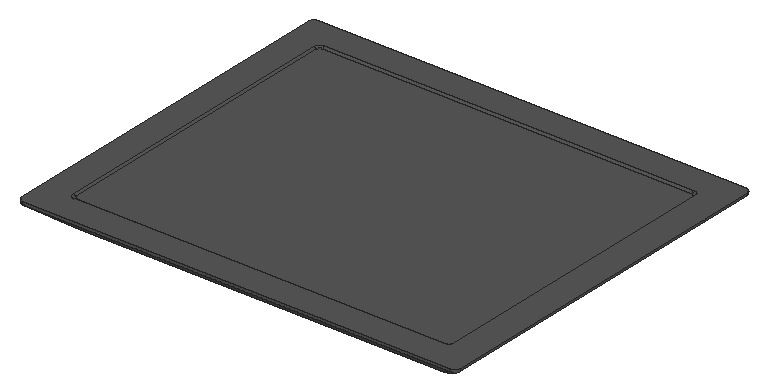
Revit family "DKTL0012_revit", category Generic Models, Revit 2017
Family settings
  Can host rebar = No
  Round Connector Dimension = Use Diameter
  Part Type = Normal
  Work Plane-Based = No
  Always vertical = Yes
  Cut with Voids When Loaded = No
  Shared = No
  Room Calculation Point = No
Parameters
  Website = "https://dolphy.in/"  # constant formula
  Material and Finish = Dolphy_BLACK
  Length = 360 mm
  Contact number = "+91 9520202035"  # constant formula
  Contact email = "info@dolphy.in"  # constant formula
  Company name = "Dolphy India"  # constant formula
Reference planes
  plane 1 "Center (Front/Back)": y = 0
  plane 2: z = 0
  plane 3 "Center (Left/Right)": x = 0
Forms (mm)
  Extrusion 1, solid, material "Dolphy_BLACK" <- "Material and Finish"
    sketch origin (3.593, 0, -3.656) x (1, 0, 0) y (0, 1, 0)
      loop
        arc (-188.593, 165.936) -> (-192.129, 164.472) -> (-193.593, 160.936) r 5
        line (-193.593, 160.936) -> (-193.593, -149.064)
        arc (-193.593, -149.064) -> (-192.129, -152.6) -> (-188.593, -154.064) r 5
        line (-188.593, -154.064) -> (181.407, -154.064)
        arc (181.407, -154.064) -> (184.942, -152.6) -> (186.407, -149.064) r 5
        line (186.407, -149.064) -> (186.407, 160.936)
        arc (186.407, 160.936) -> (184.942, 164.472) -> (181.407, 165.936) r 5
        line (181.407, 165.936) -> (-188.593, 165.936)
    from 25.656 to 27.656
  Blend 2, solid, material "Dolphy_BLACK" <- "Material and Finish"
    base sketch origin (3.593, 0, 22) x (0, 1, 0) y (-1, 0, 0)
      loop
        arc (-154.064, -181.407) -> (-152.6, -184.942) -> (-149.064, -186.407) r 5
        line (-149.064, -186.407) -> (160.936, -186.407)
        arc (160.936, -186.407) -> (164.472, -184.942) -> (165.936, -181.407) r 5
        line (165.936, -181.407) -> (165.936, 188.593)
        arc (165.936, 188.593) -> (164.472, 192.129) -> (160.936, 193.593) r 5
        line (160.936, 193.593) -> (-149.064, 193.593)
        arc (-149.064, 193.593) -> (-152.6, 192.129) -> (-154.064, 188.593) r 5
        line (-154.064, 188.593) -> (-154.064, -181.407)
    top sketch origin (3.593, 0, 22) x (0, 1, 0) y (-1, 0, 0)
      loop
        arc (-126.064, -153.407) -> (-124.6, -156.942) -> (-121.064, -158.407) r 5
        line (-121.064, -158.407) -> (132.936, -158.407)
        arc (132.936, -158.407) -> (136.472, -156.942) -> (137.936, -153.407) r 5
        line (137.936, -153.407) -> (137.936, 160.593)
        arc (137.936, 160.593) -> (136.472, 164.129) -> (132.936, 165.593) r 5
        line (132.936, 165.593) -> (-121.064, 165.593)
        arc (-121.064, 165.593) -> (-124.6, 164.129) -> (-126.064, 160.593) r 5
        line (-126.064, 160.593) -> (-126.064, -153.407)
    from 0 to -22
  Blend 3, void
    base sketch origin (3.593, 0, 24) x (0, 1, 0) y (-1, 0, 0)
      loop
        arc (140.936, 163.593) -> (139.472, 167.129) -> (135.936, 168.593) r 5
        line (135.936, 168.593) -> (-124.064, 168.593)
        arc (-124.064, 168.593) -> (-127.6, 167.129) -> (-129.064, 163.593) r 5
        line (-129.064, 163.593) -> (-129.064, -156.407)
        arc (-129.064, -156.407) -> (-127.6, -159.942) -> (-124.064, -161.407) r 5
        line (-124.064, -161.407) -> (135.936, -161.407)
        arc (135.936, -161.407) -> (139.472, -159.942) -> (140.936, -156.407) r 5
        line (140.936, -156.407) -> (140.936, 163.593)
    top sketch origin (3.593, 0, 24) x (0, 1, 0) y (-1, 0, 0)
      loop
        arc (-124.064, 166.593) -> (-126.185, 165.714) -> (-127.064, 163.593) r 3
        line (-127.064, 163.593) -> (-127.064, -156.407)
        arc (-127.064, -156.407) -> (-126.185, -158.528) -> (-124.064, -159.407) r 3
        line (-124.064, -159.407) -> (135.936, -159.407)
        arc (135.936, -159.407) -> (138.057, -158.528) -> (138.936, -156.407) r 3
        line (138.936, -156.407) -> (138.936, 163.593)
        arc (138.936, 163.593) -> (138.057, 165.714) -> (135.936, 166.593) r 3
        line (135.936, 166.593) -> (-124.064, 166.593)
    from 0 to -1
Cuts and joins
  Blend 3 cuts Extrusion 1
  Blend 3 cuts Blend 2
  joined: Extrusion 1, Blend 2
Dimensions and locks
  cut or joined group of Extrusion 1, Blend 2, Blend 3 to cut or joined group of Extrusion 1, Blend 2, Blend 3 = 380 mm
  cut or joined group of Extrusion 1, Blend 2, Blend 3 to cut or joined group of Extrusion 1, Blend 2, Blend 3 = 320 mm
  cut or joined group of Extrusion 1, Blend 2, Blend 3 to cut or joined group of Extrusion 1, Blend 2, Blend 3 = 24 mm
  aligned and locked: level to plane 2
